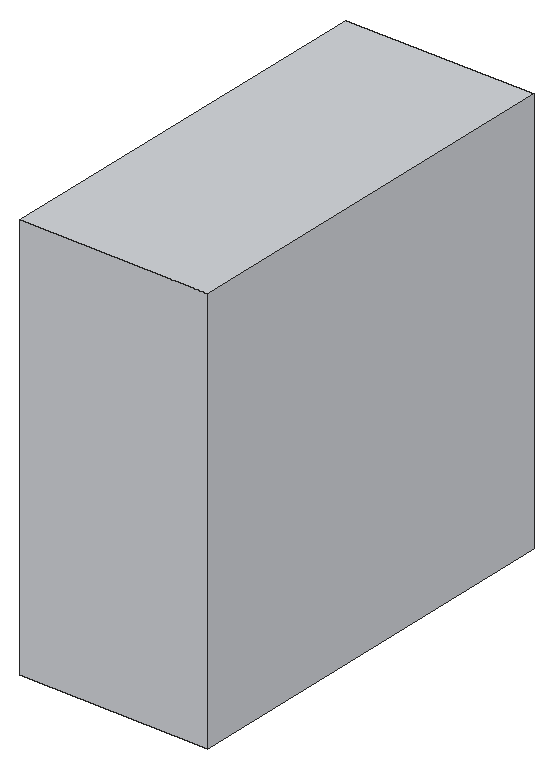
Revit family "fedab30994bc4ccf80ba8560fafc09d6", category Duct Accessories, Revit 2021
Family settings
  Round Connector Dimension = Use Diameter
  Part Type = Damper
  OmniClass Number = 23.60.70.11.11
  OmniClass Title = Fire Dampers
  Seek Item ID = Fire Damper - Rectangular - Simple-0000-USA-ENU
  Work Plane-Based = No
  Always vertical = Yes
  Cut with Voids When Loaded = No
  Shared = No
Parameters (values of type "Standard")
  Width 1 [instance] = if(and(Duct Width < 4' 0", Duct Height < 4' 0"), 0' 0 1/2", if(or(Duct Width > 8' 0", Duct Height > 8' 0"), 0' 1 1/2", 0' 1"))  # 0' - 0 1/2"
  Symbol Width [instance] = Damper Width * 2  # 2' - 2"
  Symbol Radius [instance] = Damper Length * 0.2  # 0' - 1.2"
  Pressure Drop [instance] = 4.00 in-wg
  Half Symbol Width [instance] = Symbol Width / 2  # 1' - 1"
  Half Duct Width [instance] = 1 / 2 * Duct Width  # 0' - 6"
  Half Damper Width [instance] = Damper Width / 2  # 0' - 6 1/2"
  Half Damper Length = Damper Length / 2  # 0' - 3"
  Half Damper Height [instance] = Damper Height / 2  # 0' - 6 1/2"
  Fire Damper Material = none
  Duct Width [instance] = 12"
  Duct Height [instance] = 12"
  Default Elevation = 0' - 0"
  Damper Width [instance] = Duct Width + Width 1 * 2  # 1' - 1"
  Damper Length = 0' - 6"
  Damper Height [instance] = Duct Height + Width 1 * 2  # 13"
Reference planes (in)
  plane 1 "Center (Front/Back)": y = 0
  plane 2: z = 0
  plane 3 "Center (Left/Right)": x = 0
  plane 4: x = -3
  plane 5: x = 3
  plane 6: z = 6.5
  plane 7: z = -6.5
  plane 8: y = 6.5
  plane 9: y = -6.5
  plane 10: y = 13
  plane 11: y = -13
  plane 12: y = 6
  plane 13: y = -6
Forms (in)
  Extrusion 1, solid, material <- "Fire Damper Material"
    sketch origin (0, 0, 0) x (0, 1, 0) y (0, 0, 1)
      loop
        line (6.5, 6.5) -> (-6.5, 6.5) -> (-6.5, -6.5) -> (6.5, -6.5) -> (6.5, 6.5)
    from -3 to 3
Lines and regions (in)
  symbolic lines, detail levels coarse+medium
    curve 1: line (-3, 13, 0) -> (0, 13, 0)
    curve 2: line (0, 13, 0) -> (0, -13, 0)
    curve 3: line (-3, 6, 0) -> (-3, -6, 0)
    curve 4: line (3, 6, 0) -> (3, -6, 0)
    curve 5: circle (0, 0, 0) r 1.2 normal (0, 0, 1)
  symbolic lines, detail levels fine
    curve 6: line (-3, 6.5, 0) -> (3, 6.5, 0)
    curve 7: line (-3, -6.5, 0) -> (-3, 6.5, 0)
    curve 8: line (3, -6.5, 0) -> (-3, -6.5, 0)
    curve 9: line (3, 6.5, 0) -> (3, -6.5, 0)
Dimensions and locks (in)
  "Half Damper Length": plane 4 to plane 3 "Center (Left/Right)"
  "Half Damper Length": plane 3 "Center (Left/Right)" to plane 5
  "Half Damper Height": plane 6 to plane 2
  "Half Damper Height": plane 2 to plane 7
  "Half Damper Width": plane 8 to plane 1 "Center (Front/Back)"
  "Half Damper Width": plane 1 "Center (Front/Back)" to plane 9
  "Half Symbol Width": plane 10 to plane 1 "Center (Front/Back)"
  "Half Symbol Width": plane 11 to plane 1 "Center (Front/Back)"
  "Half Duct Width": plane 1 "Center (Front/Back)" to plane 12
  "Half Duct Width": plane 13 to plane 1 "Center (Front/Back)"
  "Symbol Radius": radius of curve 5
  aligned and locked: Extrusion 1 to plane 4
  aligned and locked: plane 5 to Extrusion 1
  aligned and locked: plane 6 to Extrusion 1
  aligned and locked: Extrusion 1 to plane 7
  aligned and locked: Extrusion 1 to plane 8
  aligned and locked: plane 9 to Extrusion 1
  aligned and locked: plane 4 to curve 1
  aligned and locked: curve 1 to plane 10
  aligned and locked: plane 10 to curve 2
  aligned and locked: plane 11 to curve 2
  aligned and locked: curve 2 to plane 3 "Center (Left/Right)"
  aligned and locked: plane 12 to curve 3
  aligned and locked: plane 13 to curve 3
  aligned and locked: curve 3 to plane 4
  aligned and locked: plane 12 to curve 4
  aligned and locked: plane 13 to curve 4
  aligned and locked: curve 4 to plane 5
  aligned and locked: plane 3 "Center (Left/Right)" to curve 5
  aligned and locked: plane 1 "Center (Front/Back)" to curve 5
  aligned and locked: plane 8 to curve 6
  aligned and locked: curve 8 to plane 9
  aligned and locked: curve 9 to plane 5
  aligned and locked: plane 4 to curve 7
Automatic sketch dimensions
  plane 1 "Center (Front/Back)" to Extrusion 1 sketch curve = 0' - 6 1/2"
  Extrusion 1 sketch curve to plane 1 "Center (Front/Back)" = 0' - 6 1/2"
  Extrusion 1 sketch curve to level = 0' - 6 1/2"
  level to Extrusion 1 sketch curve = 0' - 6 1/2"
Connectors (in)
  hvac at (-3, 0, 0), driven by "Duct Height", driven by "Duct Width", driven by "Pressure Drop"
    settings: on Extrusion 1, index 1, duct flow 0 CFM, flow factor 0, pres drop 4.00 in-wg, loss coef 0, conn angle 0.00°, conn width 12", conn height 12", conn diameter 24", duct sys type 29, conn prof type 1, flow config 0, flow direction 0, loss method 4, conn ref index 2, conn util no, is conn primary yes, conn desc ""
  hvac at (3, 0, 0), driven by "Duct Height", driven by "Duct Width"
    settings: on Extrusion 1, index 2, duct flow 0 CFM, flow factor 0, pres drop 0.00 in-wg, loss coef 0, conn angle 0.00°, conn width 12", conn height 12", conn diameter 24", duct sys type 29, conn prof type 1, flow config 0, flow direction 0, loss method 4, conn ref index 1, conn util no, is conn primary no, conn desc ""
